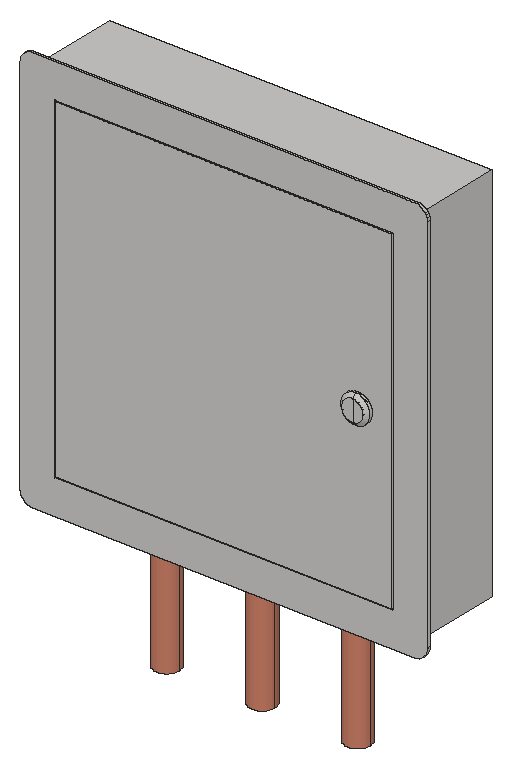
Revit family "Caroma TMV20 Bottom Inlet Hinged", category Pipe Accessories, Revit 2014
Parameters (values of type "Bottom Inlet")
  Width_ANZRS = 75 mm  # constant formula
  URL = "http://specify.caroma.com.au/"
  Type Comments = "Adjustable Temperature range 35-50°, Dynamic Working Pressure 20-500kPa, Maximum 1000kPa Inlet Pressure, Maximum Ratio 10:1"  # constant formula
  Top Inlet = no
  Side2Flow_ANZRS = 0.7 L/s  # constant formula
  PlumbingMaterial_ANZRS = Metal-Copper-Satin
  ModifiedIssue_ANZRS = 20150421.04  # constant formula
  Model = if(Top Inlet, "BTMV20-006", "BTMV20-005")  # "BTMV20-005"
  Material_ANZRS = Metal-Stainless Steel-Brushed
  Manufacturer = "GWA Bathrooms & Kitchens"  # constant formula
  Length_ANZRS = 320 mm  # constant formula
  K Coefficient = 0
  Height_ANZRS = 320 mm  # constant formula
  End2 Pos = if(Top Inlet, 0 mm, 522 mm)  # 522 mm
  End1 pos = if(Top Inlet, 111 mm, 411 mm)  # 411 mm
  Description = "Thermostatic Mixing Valve in Stainless Steel Enclosure (Hinged Door)"  # constant formula
  CreatedBy_ANZRS = "Design Content"  # constant formula
  CreatedByURL_ANZRS = "http://www.designcontent.com.au"
  Assembly Code = "D2090800"
  Angle = if(Top Inlet, 270.00°, 90.00°)  # 90.00°
Types (3, lengths in mm): name | Top Inlet | Model | End2 Pos | End1 pos | Angle
  (no name) | no | "BTMV20-005" | 522 | 411 | 90.00°
  Bottom Inlet | no | "BTMV20-005" | 522 | 411 | 90.00°
  Top Inlet | yes | "BTMV20-006" | 0 | 111 | 270.00°
Reference planes
  plane 1 "Center (Front/Back)": y = 0
  plane 2: z = 0
  plane 3 "Center (Left/Right)": x = 0
  plane 4 "Left": x = -160
  plane 5 "Right": x = 160
  plane 6 "Back": y = 37.5
  plane 7 "Front": y = -37.5
  plane 8 "Top": z = 160
  plane 9 "Bottom": z = -160
  plane 10 "End1": z = -261
  plane 11 "End2": z = -150
  plane 12 "Offset Calc": z = 261
  plane 13: x = 105
Forms (mm)
  Extrusion 1, solid, material "Metal-Stainless Steel-Brushed" <- "Material_ANZRS", detail levels fine
    sketch origin (0, 0, 0) x (1, 0, 0) y (0, 0, 1)
      loop
        line (-150, 150) -> (-150, -150) -> (150, -150) -> (150, 150) -> (-150, 150)
    from -37.5 to 35.5
  Extrusion 2, solid, material "Metal-Stainless Steel-Brushed" <- "Material_ANZRS", detail levels fine
    sketch origin (2000, -37.5, 1200) x (1, 0, 0) y (0, 0, 1)
      loop
        arc (-2150, -1040) -> (-2157.071, -1042.929) -> (-2160, -1050) r 10
        line (-2160, -1050) -> (-2160, -1350)
        arc (-2160, -1350) -> (-2157.071, -1357.071) -> (-2150, -1360) r 10
        line (-2150, -1360) -> (-1850, -1360)
        arc (-1850, -1360) -> (-1842.929, -1357.071) -> (-1840, -1350) r 10
        line (-1840, -1350) -> (-1840, -1050)
        arc (-1840, -1050) -> (-1842.929, -1042.929) -> (-1850, -1040) r 10
        line (-1850, -1040) -> (-2150, -1040)
      loop
        line (-1867, -1067) -> (-2133, -1067) -> (-2133, -1333) -> (-1867, -1333) -> (-1867, -1067)
      loop
        line (-1868, -1068) -> (-2132, -1068) -> (-2132, -1332) -> (-1868, -1332) -> (-1868, -1068)
    from 0 to -2
  Revolve 3, solid, material "Metal-Stainless Steel-Brushed" <- "Material_ANZRS", detail levels fine
    sketch origin (105, -1524, 27.587) x (0, 0, 1) y (0, -1, 0)
      loop
        line (-27.587, -1481.5) -> (-27.587, -1486.5) -> (-16.153, -1486.5) -> (-16.153, -1484.5) -> (-19.153, -1481.5) -> (-27.587, -1481.5)
      axis (-27.587, -1481.5) -> (-27.587, -1486.5)
    angle from 0 to 360
  Extrusion 4, solid, material "Metal-Copper-Satin" <- "PlumbingMaterial_ANZRS", detail levels fine
    sketch origin (-1351.99, -1524, -160) x (-1, 0, 0) y (0, -1, 0)
      loop
        circle (-1351.99, -1524) r 10
    from 10 to -101
  Extrusion 5, solid, material "Metal-Copper-Satin" <- "PlumbingMaterial_ANZRS", detail levels fine
    sketch origin (85, -1524, -150) x (-1, 0, 0) y (0, -1, 0)
      loop
        circle (160, -1524) r 10
    from 0 to -111
  Extrusion 6, solid, material "Metal-Copper-Satin" <- "PlumbingMaterial_ANZRS", detail levels fine
    sketch origin (85, -1524, -150) x (-1, 0, 0) y (0, -1, 0)
      loop
        circle (10, -1524) r 10
    from 0 to -111
Cuts and joins
  joined: Extrusion 1, Extrusion 2
Lines and regions (mm)
  model lines, style "Valves", detail levels coarse+medium
    curve 1: line (75, -75, 0) -> (-75, 75, 0)
    curve 2: line (-75, -75, 0) -> (-75, 75, 0)
    curve 3: line (75, -75, 0) -> (75, 75, 0)
    curve 4: line (-75, -75, 0) -> (75, 75, 0)
    curve 5: line (0, 0, 0) -> (0, 150, 0)
    curve 6: line (50, 150, 0) -> (-50, 150, 0)
    curve 7: line (75, 0, -75) -> (-75, 0, 75)
    curve 8: line (-75, 0, -75) -> (-75, 0, 75)
    curve 9: line (75, 0, -75) -> (75, 0, 75)
    curve 10: line (-75, 0, -75) -> (75, 0, 75)
    curve 11: line (0, 0, 0) -> (0, 0, 150)
    curve 12: line (50, 0, 150) -> (-50, 0, 150)
  reference lines, not visible
    curve 13: line (-75, 0, -150) -> (-75, 0, -261)
    curve 14: line (75, 0, -150) -> (75, 0, -261)
Dimensions and locks
  equal spacing: plane 4 "Left", plane 3 "Center (Left/Right)", plane 5 "Right"
  equal spacing: plane 7 "Front", plane 1 "Center (Front/Back)", plane 6 "Back"
  "Width_ANZRS": plane 7 "Front" to plane 6 "Back"
  "Length_ANZRS": plane 4 "Left" to plane 5 "Right"
  equal spacing: plane 8 "Top", level, plane 9 "Bottom"
  "Height_ANZRS": plane 8 "Top" to plane 9 "Bottom"
  locked: Extrusion 1 sketch curve to plane 4 "Left" at 10
  locked: plane 8 "Top" to Extrusion 1 sketch curve at 10
  locked: plane 5 "Right" to Extrusion 1 sketch curve at 10
  locked: Extrusion 1 sketch curve to plane 9 "Bottom" at 10
  locked: curve 12 to level at 150
  curve 10 to curve 8 to level to curve 9 to curve 10 = 0 mm locked, 75 mm locked, 75 mm locked, 0 mm locked
  locked: plane 12 "Offset Calc" to plane 8 "Top" at 101
  "End1 pos": plane 12 "Offset Calc" to plane 11 "End2"
  "End2 Pos": plane 12 "Offset Calc" to plane 10 "End1"
  "End1 pos": plane 12 "Offset Calc" to curve 13
  "End1 pos": plane 12 "Offset Calc" to curve 14
  locked: curve 13 to curve 13 at 111
  locked: curve 14 to curve 14 at 111
  plane 8 "Top" to Extrusion 2 sketch curve to Extrusion 2 sketch curve = 27 mm locked, 1 mm locked
  Extrusion 2 sketch curve to Extrusion 2 sketch curve to plane 9 "Bottom" = 1 mm locked, 27 mm locked
  Extrusion 2 sketch curve to Extrusion 2 sketch curve to plane 4 "Left" = 1 mm locked, 27 mm locked
  plane 5 "Right" to Extrusion 2 sketch curve to Extrusion 2 sketch curve = 27 mm locked, 1 mm locked
  locked: plane 5 "Right" to plane 13 at 55
  radius of Extrusion 2 sketch curve = 10 mm  (x4)
  "Angle": angle curve 14 to plane 11 "End2"
  "Angle": angle plane 11 "End2" to curve 13
  aligned and locked: level to plane 2
  aligned and locked: Extrusion 1 to plane 6 "Back"
  aligned and locked: Extrusion 2 sketch curve to plane 8 "Top"
  aligned and locked: plane 4 "Left" to Extrusion 2 sketch curve
  aligned and locked: plane 9 "Bottom" to Extrusion 2 sketch curve
  aligned and locked: Extrusion 2 sketch curve to plane 5 "Right"
  aligned and locked: plane 11 "End2" to Extrusion 6
  aligned and locked: plane 11 "End2" to Extrusion 5
  aligned and locked: Extrusion 6 to plane 10 "End1"
  aligned and locked: Extrusion 5 to plane 10 "End1"
  aligned and locked: Extrusion 1 to Extrusion 2
Automatic sketch dimensions
  plane 1 "Center (Front/Back)" to Extrusion 4 sketch curve = 0 mm
  Extrusion 4 sketch curve to plane 3 "Center (Left/Right)" = 0 mm
  curve 5 to plane 3 "Center (Left/Right)" = 0 mm
  plane 1 "Center (Front/Back)" to curve 5 = 0 mm
  curve 4 to plane 3 "Center (Left/Right)" = 75 mm
  plane 3 "Center (Left/Right)" to curve 4 = 75 mm
  plane 7 "Front" to curve 3 = 37.5 mm
  plane 7 "Front" to curve 2 = 37.5 mm
  curve 4 to plane 6 "Back" = 37.5 mm
  curve 6 to plane 3 "Center (Left/Right)" = 50 mm
  plane 3 "Center (Left/Right)" to curve 6 = 50 mm
  curve 3 to curve 6 = 75 mm
  curve 11 to plane 3 "Center (Left/Right)" = 0 mm
  curve 11 to level = 0 mm
  curve 10 to plane 3 "Center (Left/Right)" = 75 mm
  curve 12 to plane 3 "Center (Left/Right)" = 50 mm
  plane 3 "Center (Left/Right)" to curve 12 = 50 mm
  plane 1 "Center (Front/Back)" to Extrusion 5 sketch curve = 0 mm
  Extrusion 5 sketch curve to plane 3 "Center (Left/Right)" = 75 mm
  plane 1 "Center (Front/Back)" to Extrusion 6 sketch curve = 0 mm
  plane 3 "Center (Left/Right)" to Extrusion 6 sketch curve = 75 mm
  Revolve 3 sketch curve to plane 7 "Front" = 0 mm  (x2)
  plane 7 "Front" to Revolve 3 sketch curve = 5 mm
  Revolve 3 sketch curve to plane 8 "Top" = 160 mm
  Revolve 3 sketch curve to Revolve 3 sketch curve = 8.434 mm
  Revolve 3 sketch curve to Revolve 3 sketch curve = 3 mm
  plane 7 "Front" to Revolve 3 sketch curve = 2 mm
  Revolve 3 sketch curve to Revolve 3 sketch curve = 0 mm
  Revolve 3 sketch curve to plane 7 "Front" = 13.179 mm
  curve 13 to plane 3 "Center (Left/Right)" = 75 mm
  curve 14 to plane 13 = 30 mm
  radius of Extrusion 4 sketch curve = 10 mm
  radius of Extrusion 5 sketch curve = 10 mm
  radius of Extrusion 6 sketch curve = 10 mm
Connectors
  piping at (0, 0, -261), diameter 20, driven by "K Coefficient", driven by "Side2Flow_ANZRS"
    settings: on Extrusion 4, index 3, connector inside diameter 609.6 mm, connector length 0 mm, flow factor 0, pipe flow 0.7 L/s, pressure drop 0.0 Pa, fitting loss kfactor 0, connector angle 0.00°, fixture units 0, engagement length 0 mm, angle of deflection 0.00°, flow configuration 0, flow direction 2, fitting loss method 2, system type 29, joint type 0, gender type 0, connector reference index -1, connector utility 0, adjustable connector no, is connector primary yes, connector description "Temperate Out"
  piping at (-75, 0, -261), diameter 20
    settings: on curve 13, index 4, connector inside diameter 609.6 mm, connector length 0 mm, flow factor 0, pipe flow 0.0 L/s, pressure drop 0.0 Pa, fitting loss kfactor 0, connector angle 0.00°, fixture units 0, engagement length 0 mm, angle of deflection 0.00°, flow configuration 0, flow direction 1, fitting loss method 0, system type 19, joint type 0, gender type 0, connector reference index -1, connector utility 0, adjustable connector no, is connector primary no, connector description "Hot In"
  piping at (75, 0, -261), diameter 20
    settings: on curve 14, index 5, connector inside diameter 609.6 mm, connector length 0 mm, flow factor 0, pipe flow 0.0 L/s, pressure drop 0.0 Pa, fitting loss kfactor 0, connector angle 0.00°, fixture units 0, engagement length 0 mm, angle of deflection 0.00°, flow configuration 0, flow direction 1, fitting loss method 0, system type 20, joint type 0, gender type 0, connector reference index -1, connector utility 0, adjustable connector no, is connector primary no, connector description "Cold In"
